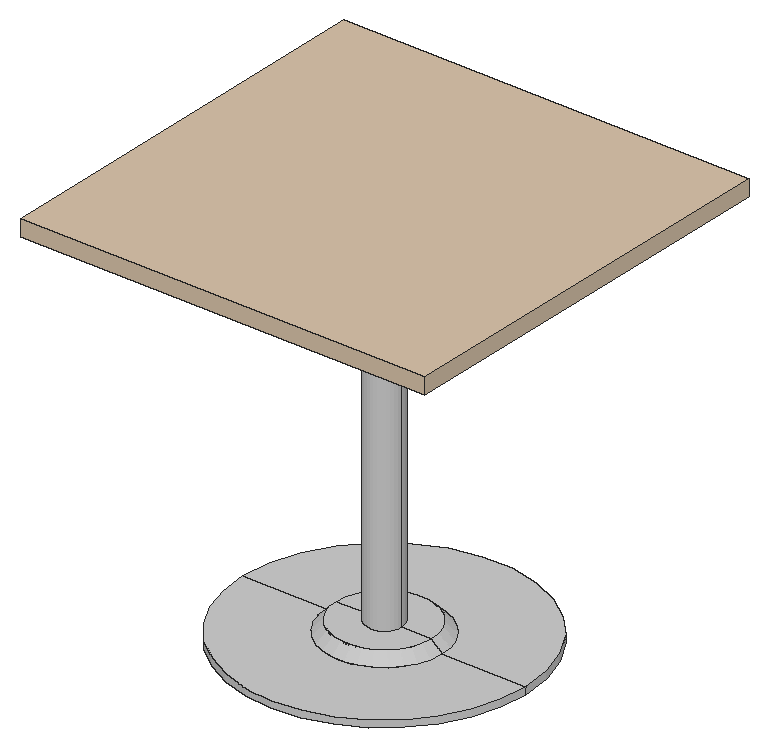
Revit family "Haworth_Masters_Table_Square", category Furniture Systems, Revit 2018
Family settings
  Round Connector Dimension = Use Diameter
  Part Type = Normal
  OmniClass Number = 23.40.70.14.64.21
  OmniClass Title = Systems Furniture
  Work Plane-Based = No
  Always vertical = Yes
  Cut with Voids When Loaded = No
  Shared = No
  Room Calculation Point = No
Parameters (values of type "30d 30w")
  Width = 30"
  Warranty = "http://www.haworth.com/resources/product-info/warranties"
  URL - Product = "http://www.haworth.com/products/desks/freestanding/masters-series"
  URL = "http://www.haworth.com/"
  Top Finish [instance] = Haworth _ Wood _ White Oak
  Top Edge Finish [instance] = Haworth _ Wood _ White Oak
  Table Thickness = 1 3/16"  # constant formula
  Sustainability Info = "http://media.haworth.com/asset/94814/Masters%20series%20PEDS.pdf"
  Model = "Masters Series"  # constant formula
  Leg Height = Actual Height - Table Thickness  # 28 1/16"
  Disc Base Radius = if(Actual Width > 35", 13 1/2", 10 1/2")  # 10 1/2"
  Description = "Masters Square Table - 30w"
  Size = "Verify Final Dim. w/ Haworth"  # constant formula
  Revision Number = "1"  # constant formula
  Min/Max Width = "30, 36, 42, 48 in."  # constant formula
  Min/Max Height = "29 1/4 in."  # constant formula
  Min. Width = 30"  # constant formula
  Max. Width = 48"  # constant formula
  Manufacturer = "Haworth"  # constant formula
  Custom Size = not(or(Width = 30", Width = 36", Width = 42", Width = 48"))  # no
  Base Finish [instance] = Haworth _ Paint _ Metallic Champagne
  Author = "SHAPE Environments, LLC"  # constant formula
  Assembly Code = "E2020200"
  Actual Width = if(Width > Max. Width, Max. Width, if(Width < Min. Width, Min. Width, Width))  # 30"
  Actual Height = 29 1/4"  # constant formula
Types (4): name | Width | Disc Base Radius | Description | Actual Width
  30d 30w | 30" | 10 1/2" | "Masters Square Table - 30w" | 30"
  36d 36w | 36" | 13 1/2" | "Masters Square Table - 36w" | 36"
  42d 42w | 42" | 13 1/2" | "Masters Square Table - 42w" | 42"
  48d 48w | 48" | 13 1/2" | "Masters Square Table - 48w" | 48"
Reference planes (in)
  plane 1 "Center F/B": y = 5.5
  plane 2: z = 0
  plane 3 "Center L/R": x = 0
  plane 4 "Table Bottom": z = 28.0625
  plane 5 "Table Top": z = 29.25
  plane 6 "Right": x = 15
  plane 7 "Left": x = -15
  plane 8 "Back": y = 20.5
  plane 9 "Front": y = -9.5
Lines and regions (in)
  Masking region 1
    outline origin (0, 0, 0) x (1, 0, 0) y (0, 1, 0)
      loop
        line (-15, 20.5) -> (-15, -9.5) -> (15, -9.5) -> (15, 20.5) -> (-15, 20.5)
  symbolic lines, style "Haworth Hidden", detail levels fine
    curve 1: arc (10.5, 5.5, 0) -> (0, -5, 0) -> (-10.5, 5.5, 0) r 10.5
    curve 2: arc (-10.5, 5.5, 0) -> (0, 16, 0) -> (10.5, 5.5, 0) r 10.5
Dimensions and locks (in)
  "Table Thickness": plane 5 "Table Top" to plane 4 "Table Bottom"
  "Actual Height": plane 5 "Table Top" to plane 2
  equal spacing: plane 8 "Back", plane 1 "Center F/B", plane 9 "Front"
  "Actual Width": plane 8 "Back" to plane 9 "Front"
  equal spacing: plane 7 "Left", plane 3 "Center L/R", plane 6 "Right"
  "Actual Width": plane 7 "Left" to plane 6 "Right"
  aligned and locked: plane 1 "Center F/B" to nested 1
  aligned and locked: plane 3 "Center L/R" to nested 1
  aligned and locked: nested 2 to plane 7 "Left"
  aligned and locked: plane 9 "Front" to nested 2
  aligned and locked: Masking region 1 sketch curve to nested 2  (x4)
Automatic sketch dimensions
  curve 1 to curve 2 = 0"  (x2)
  plane 1 "Center F/B" to curve 2 = 0"
  curve 2 to plane 3 "Center L/R" = 0"
  curve 1 to plane 7 "Left" = 4 1/2"
Nested families (in)
  nested 1: "Haworth_Leg-Disc_Base" at (0, 0, 0), type "Base"
    with Leg Height 28 1/16"
  nested 2: "Haworth_Worksurface-square" at (3.23894, 3.79063, 0), type "Table"
    with Actual Width 30"
Definition of nested family "Haworth_Leg-Disc_Base"
  Parameters (values of type "Base")
    Warranty = ""
    URL - Product = ""
    URL = "www.haworth.com"
    Leg Height = 27 1/2"
    Disc Radius = 10 1/2"
    Base Finish = none
    Sustainability Info = ""
    Size = "Verify Final Dim. w/ Haworth"  # constant formula
    Revision Number = ""
    OmniClass Number = ""
    Material Options = ""
    Manufacturer = "Haworth"  # constant formula
    LEED Data = ""
    Author = "SHAPE Environments, LLC"  # constant formula
    Assembly Code = ""
  Reference planes (in)
    plane 1 "Center F/B": y = 5.5
    plane 2: z = 0
    plane 3 "Center L/R": x = 0
    plane 4 "Table Bottom": z = 27.5
  Forms (in)
    Revolve 1, solid, material <- "Base Finish"
      sketch origin (0, 5.5, 0) x (1, 0, 0) y (0, 0, 1)
        loop
          line (0, 27.5) -> (-1.28244, 27.5) -> (-1.28244, 1.25) -> (-3.53244, 1.25) -> (-4.28244, 0.5) -> (-10.5, 0.5) -> (-10.5, 0) -> (0, 0) -> (0, 27.5)
        axis (0, 27.5) -> (0, 0)
      angle from 0 to 360
  Dimensions and locks (in)
    "Disc Radius": plane 3 "Center L/R" to Revolve 1 sketch curve
    "Leg Height": plane 4 "Table Bottom" to level
    aligned and locked: Revolve 1 to plane 4 "Table Bottom"  (x2)
  Automatic sketch dimensions
    Revolve 1 sketch curve to level = 0"
    Revolve 1 sketch curve to plane 4 "Table Bottom" = 0"
    Revolve 1 sketch curve to plane 3 "Center L/R" = 0"  (x2)
    Revolve 1 sketch curve to plane 3 "Center L/R" = 1.28244"
    Revolve 1 sketch curve to Revolve 1 sketch curve = 2 1/4"
    level to Revolve 1 sketch curve = 1/2"
    Revolve 1 sketch curve to Revolve 1 sketch curve = 3/4"
    Revolve 1 sketch curve to Revolve 1 sketch curve = 6.24462"
    level to Revolve 1 sketch curve = 1 1/4"
    Revolve 1 sketch curve to Revolve 1 sketch curve = 7.21204"
Definition of nested family "Haworth_Worksurface-square"
  Parameters (values of type "Table")
    Warranty = ""
    URL - Product = ""
    URL = "www.haworth.com"
    Top Finish = none
    Top Edge Finish = none
    Table Top Thickness = 1 3/16"
    Sustainability Info = ""
    Size = "Verify Final Dim. w/ Haworth"  # constant formula
    Revision Number = ""
    OmniClass Number = ""
    Material Options = ""
    Manufacturer = "Haworth"  # constant formula
    LEED Data = ""
    Author = "SHAPE Environments, LLC"  # constant formula
    Assembly Code = ""
    Actual Width = 42"
    Actual Height = 29 1/4"
  Reference planes (in)
    plane 1 "Center F/B": y = 1.70937
    plane 2: z = 0
    plane 3 "Center L/R": x = -3.23894
    plane 4 "Table Top": z = 29.25
    plane 5 "Table Bottom": z = 28.0625
    plane 6: x = 17.76106
    plane 7: x = -24.23894
    plane 8: y = -19.29063
    plane 9: y = 22.70937
  Forms (in)
    Extrusion 1, solid, material <- "Top Edge Finish"
      sketch origin (0, 0, 0) x (1, 0, 0) y (0, 1, 0)
        loop
          line (-24.23894, 22.70937) -> (-24.23894, -19.29063) -> (17.76106, -19.29063) -> (17.76106, 22.70937) -> (-24.23894, 22.70937)
      from 28.0625 to 29.25
  Lines and regions (in)
    Masking region 1
      outline origin (0, 0, 0) x (1, 0, 0) y (0, 1, 0)
        loop
          line (-24.23894, 22.70937) -> (-24.23894, -19.29063) -> (17.76106, -19.29063) -> (17.76106, 22.70937) -> (-24.23894, 22.70937)
  Dimensions and locks (in)
    "Table Top Thickness": plane 4 "Table Top" to plane 5 "Table Bottom"
    "Actual Height": plane 4 "Table Top" to level
    "Actual Width": plane 9 to plane 8
    equal spacing: plane 9, plane 1 "Center F/B", plane 8
    "Actual Width": plane 7 to plane 6
    equal spacing: plane 7, plane 3 "Center L/R", plane 6
    aligned and locked: Extrusion 1 to plane 7
    aligned and locked: Extrusion 1 to plane 6
    aligned and locked: Extrusion 1 to plane 8
    aligned and locked: Extrusion 1 to plane 9
    aligned and locked: Masking region 1 sketch curve to plane 9
    aligned and locked: Masking region 1 sketch curve to plane 6
    aligned and locked: Masking region 1 sketch curve to plane 8
    aligned and locked: Masking region 1 sketch curve to plane 7
    aligned and locked: plane 4 "Table Top" to Extrusion 1
    aligned and locked: Extrusion 1 to plane 5 "Table Bottom"
  Automatic sketch dimensions
    plane 3 "Center L/R" to Extrusion 1 sketch curve = 21"
    plane 1 "Center F/B" to Extrusion 1 sketch curve = 21"
    Extrusion 1 sketch curve to plane 1 "Center F/B" = 21"
    Extrusion 1 sketch curve to plane 3 "Center L/R" = 21"
